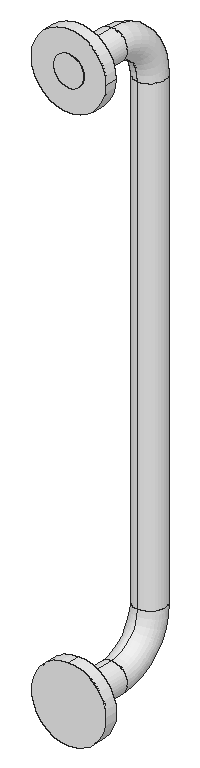
Revit family "Barra_Apoio_V", category Plumbing Fixtures, host Wall, Revit 2025
Family settings
  Host = Wall
  Round Connector Dimension = Use Diameter
  Part Type = Normal
  OmniClass Number = 23.45.00.00
  OmniClass Title = Sanitary, Laundry, and Cleaning Equipment
  Enable Cutting in Views = No
  Always vertical = Yes
  Cut with Voids When Loaded = No
  Maintain Annotation Orientation = No
  Shared = No
  Room Calculation Point = No
Parameters (values of type "BAA_U75")
  Material_Barra = CT_Cromados
  Description = "Descrição do tipo"
  Default Elevation = 0.000 m
  Barra_Deslocamento [instance] = 0.200 m
  Barra_Comprimento = 0.750 m
  Barra_Altura_Superior [instance] = 1.350 m
  Barra_Altura_Inferior [instance] = 0.750 m
  Barra_Afastamento = 0.107 m
Reference planes (m)
  plane 1: y = 0
  plane 2 "Back": y = 0.05
  plane 3: y = 0.063
  plane 4: x = 1.075
  plane 5 "Altura": z = 0.75
  plane 6: y = 0.157
  plane 7: z = 0
  plane 8 "2": z = 1.35
Forms (m)
  Extrusion 1, solid, material "CT_Cromados" <- "Material_Barra"
    sketch origin (0.925377, 0.075, 0.918379) x (0, 0, -1) y (1, 0, 0)
      loop
        circle (0.168379, 0.149623) r 0.0395
    from 0.025 to 0.012
  Sweep 2, solid, material "CT_Cromados" <- "Material_Barra"
    path origin (1.075, 0, 1.825) x (0, 1, 0) y (0, 0, 1)
      loop
        line (0.05, -1.075) -> (0.107, -1.075)
        arc (0.107, -1.075) -> (0.142355, -1.060355) -> (0.157, -1.025) r 0.05
        line (0.157, -1.025) -> (0.157, -0.525)
        arc (0.157, -0.525) -> (0.142355, -0.489645) -> (0.107, -0.475) r 0.05
        line (0.107, -0.475) -> (0.05, -0.475)
    profile origin (1.075, 0.0785, 0.75) x (0, 0, 1) y (1, 0, 0)
      loop
        circle (0, 0) r 0.016
  Extrusion 3, solid, material "CT_Cromados" <- "Material_Barra"
    sketch origin (0.925377, 0.075, 1.081621) x (0, 0, 1) y (-1, 0, 0)
      loop
        circle (0.268379, -0.149623) r 0.0395
    from 0.025 to 0.012
Cuts and joins
  joined: Extrusion 1, Sweep 2
Text (m)
  text "Placement side" at (-1.787139, 0.59235, 0), in view "Ref. Level"
  text "Placement side" at (0, 1.827695, 2.917686), in view "Left"
  text "Placement side" at (0, 0.562268, 3.853606), in view "Right"
Dimensions and locks (m)
  locked: plane 2 "Back" to host wall
  locked: plane 3 to plane 2 "Back" at 0.013
  "Barra_Altura_Inferior": plane 5 "Altura" to level
  "Barra_Afastamento": plane 6 to plane 2 "Back"
  "Barra_Altura_Superior": plane 8 "2" to plane 7
  radius of Sweep 2 sketch curve = 0.050 m  (x2)
  aligned and locked: plane 1 to host wall
  aligned and locked: Sweep 2 sketch curve to plane 6
  aligned and locked: cut or joined group of Extrusion 1, Sweep 2 to host wall
  aligned and locked: cut or joined group of Extrusion 1, Sweep 2 to cut or joined group of Extrusion 1, Sweep 2
  aligned and locked: Sweep 2 sketch curve to plane 8 "2"
  aligned and locked: plane 8 "2" to Extrusion 3 sketch curve  (x2)
Automatic sketch dimensions
  Extrusion 1 sketch curve to Extrusion 1 sketch curve = 0.000 m  (x2)
  Extrusion 1 sketch curve to plane 4 = 0.000 m
  Extrusion 1 sketch curve to plane 5 "Altura" = 0.000 m
  Extrusion 1 sketch curve to Extrusion 1 sketch curve = 0.0395 m
  Sweep 2 sketch curve to plane 2 "Back" = 0.000 m  (x2)
  plane 5 "Altura" to Sweep 2 sketch curve = 0.000 m
  Sweep 2 sketch curve to profile plane = 0.000 m  (x2)
  Extrusion 3 sketch curve to plane 4 = 0.000 m
  plane 4 to Extrusion 3 sketch curve = 0.0395 m
  Extrusion 3 sketch curve to Extrusion 3 sketch curve = 0.000 m
  Extrusion 3 sketch curve to plane 8 "2" = 0.000 m
  radius of Sweep 2 sketch curve = 0.016 m
